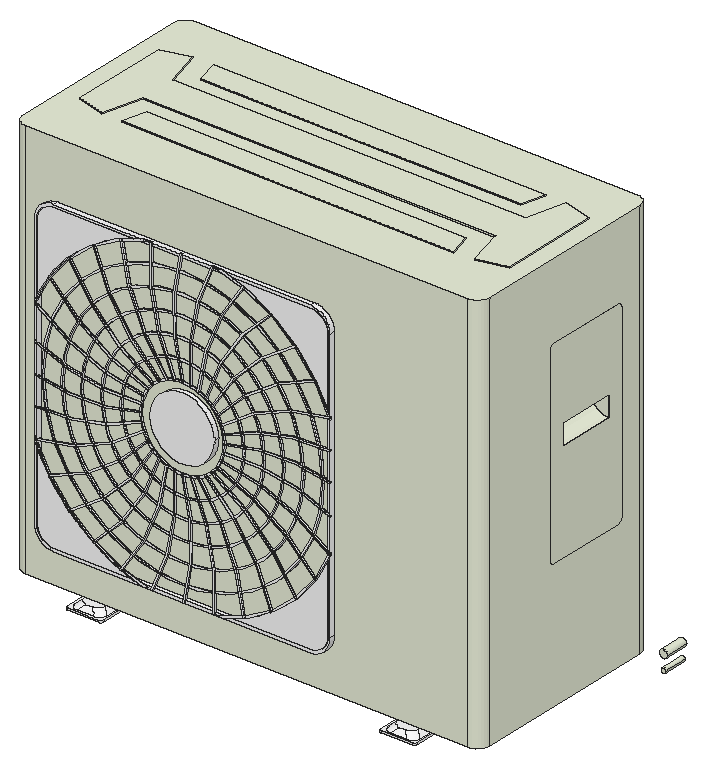
Revit family "ККБ REA I2 15,5 инвертор", category Оборудование, Revit 2022
Family settings
  Размер круглого соединителя = Использовать радиус
  Тип детали = Нормальный
  Номер OmniClass = 23.75.00.00
  Заголовок OmniClass = Climate Control (HVAC)
  На основе рабочей плоскости = Нет
  Всегда вертикально = Да
  При загрузке вырезать с полостями = Нет
  Сохранять ориентацию аннотаций = Нет
  Общий = Нет
  Точка принадлежности помещению = Нет
Parameters (values of type "ККБ REA I2 15,5 инвертор")
  Отметка по умолчанию = 0.000 mm
  clearance access right = 600.000 mm
  clearance access left = 300.000 mm
  clearance access front = 2000.000 mm
  clearance access behind = 300.000 mm
  clearance [instance] = no
  Width = 950.000 mm
  Series = "CCU"
  Power supply = "220-240V 1Ph~50Hz/60Hz"
  Net Weight = 77.50 kg
  Группа модели = "ККБ REA I2 15,5 инвертор"
  Minimum Circuit Amps = 40 A
  Min cable selection (power wiring) = "3×6 mm2"
  Maximum Fuse Amps = 40 A
  Изготовитель = "WAER"  # constant formula
  Liquid pipe Radius = 0.5 * Liquid pipe  # 4.765 mm
  Liquid pipe = 9.530 mm
  Installation = "Outdoor installation"
  Height = 840.000 mm
  Heating Power Input = 4.82 kW
  Heating Capacity = 18.00 kW
  Gas pipe Radius = 0.5 * Gas pipe  # 7.950 mm
  Gas pipe = 15.900 mm
  Gas = "R410A"
  Описание = "High efficiency air cooled"
  Depth = 440.000 mm
  Cooling Power Input = 4.87 kW
  Cooling Capacity = 15.50 kW
  Condensation = "Air"
  Compressor = "1"
  Casing color = "SB2098"
  Air Flow = 5000.00 m³/h
Reference planes
  plane 1 "Center (Front/Back)": y = 0
  plane 2: z = 0
  plane 3 "Center (Left/Right)": x = 0
  plane 4: y = 221
  plane 5: y = -139
  plane 6: x = -473
  plane 7: x = 473
  plane 8: z = 406.5
  plane 9: z = 300.608
  plane 10: z = 840
  plane 11: x = 557
Forms (mm)
  Extrusion 1, solid, material "Galvanized Steel", detail levels medium+fine
    sketch origin (-463, 0, 789) x (1, 0, 0) y (0, 1, 0)
      loop
        line (911, 240) -> (15, 240)
        arc (15, 240) -> (-2.678, 232.678) -> (-10, 215) r 25
        line (-10, 215) -> (-10, -165)
        arc (-10, -165) -> (-2.678, -182.678) -> (15, -190) r 25
        line (15, -190) -> (911, -190)
        arc (911, -190) -> (928.678, -182.678) -> (936, -165) r 25
        line (936, -165) -> (936, 215)
        arc (936, 215) -> (928.678, 232.678) -> (911, 240) r 25
    from -765 to 49
  Extrusion 2, void
    sketch origin (0, 0, 0) x (1, 0, 0) y (0, 0, 1)
      loop
        circle (-122.999, 406.499) r 286
    from 100 to 177
  Extrusion 3, solid, material "Galvanized Steel", detail levels fine
    sketch origin (0, 20, 0) x (1, 0, 0) y (0, 1, 0)
      loop
        line (-436.632, 111.286) -> (-436.632, -88.714) -> (-378.677, -104.243) -> (-357.971, -26.969) -> (0, -26.969) -> (357.971, -26.969) -> (378.677, -104.243) -> (436.632, -88.714) -> (436.632, 111.286) -> (378.677, 126.816) -> (357.971, 49.542) -> (0, 49.542) -> (-357.971, 49.542) -> (-378.677, 126.816) -> (-436.632, 111.286)
      loop
        line (-337.266, 126.816) -> (-324.511, 79.213) -> (0, 79.213) -> (324.511, 79.213) -> (337.266, 126.816) -> (0, 126.816) -> (-337.266, 126.816)
      loop
        line (-337.266, -106.816) -> (0, -106.816) -> (337.266, -106.816) -> (324.511, -59.213) -> (0, -59.213) -> (-324.511, -59.213) -> (-337.266, -106.816)
    from 838 to 840
  Extrusion 4, solid, material "Galvanized Steel", detail levels fine
    sketch origin (0, 5, 0) x (0, 1, 0) y (0, 0, 1)
      loop
        arc (-8.433, 685.069) -> (-15.504, 682.14) -> (-18.433, 675.069) r 10
        line (-18.433, 675.069) -> (-18.433, 295.069)
        arc (-18.433, 295.069) -> (-15.504, 287.998) -> (-8.433, 285.069) r 10
        line (-8.433, 285.069) -> (151.567, 285.069)
        arc (151.567, 285.069) -> (158.638, 287.998) -> (161.567, 295.069) r 10
        line (161.567, 295.069) -> (161.567, 675.069)
        arc (161.567, 675.069) -> (158.638, 682.14) -> (151.567, 685.069) r 10
        line (151.567, 685.069) -> (-8.433, 685.069)
    from 473 to 475
  Extrusion 5, solid, material "Galvanized Steel", detail levels fine
    sketch origin (-473, 221, 810) x (1, 0, 0) y (0, 0, -1)
      loop
        line (721.211, 499.033) -> (721.211, 179.033)
        arc (721.211, 179.033) -> (811.211, 89.033) -> (901.211, 179.033) r 90
        line (901.211, 179.033) -> (901.211, 499.033)
        arc (901.211, 499.033) -> (811.211, 589.033) -> (721.211, 499.033) r 90
    from -362 to -360
  Extrusion 6, void
    sketch origin (-438, -141, 810) x (1, 0, 0) y (0, 0, -1)
      loop
        line (731.52, 217.5) -> (811.52, 217.5) -> (811.52, 257.5) -> (731.52, 257.5) -> (731.52, 217.5)
    from 0 to 30.666
  Extrusion 7, void
    sketch origin (2, 0, 0) x (1, 0, 0) y (0, 0, 1)
      loop
        line (446.25, 532.035) -> (428.211, 532.035)
        arc (428.211, 532.035) -> (441.329, 500.364) -> (473, 487.246) r 44.789
        line (473, 487.246) -> (473, 532.035) -> (446.25, 532.035)
    from -137.024 to -16.461
  Extrusion 8, solid, material "Galvanized Steel"
    sketch origin (610.133, -190, 799) x (-1, 0, 0) y (0, 0, -1)
      loop
        circle (30.982, 736.541) r 4.765
    from -381 to -333.512
  Extrusion 9, solid, material "Galvanized Steel"
    sketch origin (610.133, -190, 829) x (-1, 0, 0) y (0, 0, -1)
      loop
        circle (30.982, 736.541) r 7.95
    from -381 to -333.512
Cuts and joins
  Extrusion 2, Extrusion 6, Extrusion 7 cuts Extrusion 1
  Extrusion 6 cuts Extrusion 5
  Extrusion 7 cuts Extrusion 4
Lines and regions (mm)
  model lines
    curve 1: line (-473, 221, 24) -> (-473, -139, 24)
    curve 2: line (473, 221, 24) -> (-473, 221, 24)
    curve 3: line (473, -139, 24) -> (473, 221, 24)
    curve 4: line (-473, -139, 24) -> (473, -139, 24)
    curve 5: line (473, 221, 838) -> (473, 221, 24)
    curve 6: line (-473, 221, 24) -> (-473, 221, 838)
    curve 7: line (625.133, -190, 838) -> (625.133, -190, 24)
    curve 8: line (-320.867, -190, 24) -> (-320.867, -190, 838)
    curve 9: line (473, -139, 838) -> (473, 221, 838)
    curve 10: line (473, 221, 838) -> (-473, 221, 838)
    curve 11: line (-473, 221, 838) -> (-473, -139, 838)
    curve 12: line (-473, -139, 838) -> (473, -139, 838)
Dimensions and locks
  aligned and locked: level to plane 2
Nested families
  nested 1: "xiaodijia2" at (318, 20, 0), type "xiaodijia2", detail levels medium+fine
  nested 2: "xiaodijia2" at (-318, 20, 0), type "xiaodijia2", detail levels medium+fine
  nested 3: "fengkou300（fangxing2）" at (-123, -200, 406.5) x (1, 0, 0) z (0, 1, 0), type "fengkou300（fangxing2）", detail levels medium+fine
  nested 4: "fengshan270" at (-122.996, -125, 406.5) x (0, 0, 1) z (0, -1, 0), type "fengshan270", detail levels fine
  nested 5: "service space" at (473, -200, 0), Height <- "Height", visible <- "clearance", type "Midea Service  Space"
    with Width 600.000 mm, Height 840.000 mm, Depth 440.000 mm
  nested 6: "service space" at (-773, -200, 0), Height <- "Height", visible <- "clearance", type "Midea Service  Space"
    with Width 300.000 mm, Height 840.000 mm, Depth 440.000 mm
  nested 7: "service space" at (-473, 240, 0), Height <- "Height", visible <- "clearance", type "Midea Service  Space"
    with Width 946.000 mm, Height 840.000 mm, Depth 300.000 mm
  nested 8: "service space" at (-473, -2200, 0), Height <- "Height", visible <- "clearance", type "Midea Service  Space"
    with Width 946.000 mm, Height 840.000 mm, Depth 2000.000 mm
Connectors
  electrical at (333.52, -141, 572.5)
    settings: on cut or joined group of Extrusion 5, Extrusion 6, index 1, voltage 220 V, apparent load 0 VA, apparent load phase1 0 VA, apparent load phase2 0 VA, apparent load phase3 0 VA, power factor 1, load classification "HVAC", number of poles 1, system type 30, power factor state 1, is connector primary yes, connector utility no, sub classification motor no, connector description ""
  piping at (579.151, 191, 62.459), diameter 9.53, driven by "Liquid pipe Radius"
    settings: on Extrusion 8, index 2, connector inside diameter 0.3752", connector length 0.000 mm, flow factor 0, pipe flow 0 GPM, pressure drop 0.00 psi, fitting loss kfactor 0, connector angle 0.00°, fixture units 0, engagement length 0.000 mm, angle of deflection 0.00°, flow configuration 0, flow direction 0, fitting loss method 0, system type 7, joint type 0, gender type 0, connector reference index -1, connector utility 0, adjustable connector no, is connector primary yes, connector description ""
  piping at (579.151, 191, 92.459), diameter 15.9, driven by "Gas pipe Radius"
    settings: on Extrusion 9, index 3, connector inside diameter 0.62598", connector length 0.000 mm, flow factor 0, pipe flow 0 GPM, pressure drop 0.00 psi, fitting loss kfactor 0, connector angle 0.00°, fixture units 0, engagement length 0.000 mm, angle of deflection 0.00°, flow configuration 0, flow direction 0, fitting loss method 0, system type 8, joint type 0, gender type 0, connector reference index -1, connector utility 0, adjustable connector no, is connector primary no, connector description ""
Definition of nested family "xiaodijia2"
  Parameters
    Default Elevation = 0.000 mm
  Reference planes
    plane 1 "Center (Front/Back)": y = 0
    plane 2: z = 0
    plane 3 "Center (Left/Right)": x = 0
    plane 4: y = 227
    plane 5: x = -36.5
    plane 6: x = 36.5
    plane 7: z = 12
    plane 8: z = 3
    plane 9: z = 24
    plane 10: y = -20
    plane 11: y = 20
    plane 12: x = 21.5
    plane 13: x = -21.5
    plane 14: y = 190
    plane 15: y = -190
    plane 16: x = -6
    plane 17: x = 6
    plane 18: y = -186
    plane 19: y = -194
  Forms (mm)
    Blend 1, solid
      base sketch origin (0, 0, 0) x (1, 0, 0) y (0, 1, 0)
        loop
          line (6.5, 212) -> (-6.5, 212)
          arc (-6.5, 212) -> (-17.107, 207.607) -> (-21.5, 197) r 15
          line (-21.5, 197) -> (-21.5, -197)
          arc (-21.5, -197) -> (-17.107, -207.607) -> (-6.5, -212) r 15
          line (-6.5, -212) -> (6.5, -212)
          arc (6.5, -212) -> (17.107, -207.607) -> (21.5, -197) r 15
          line (21.5, -197) -> (21.5, 197)
          arc (21.5, 197) -> (17.107, 207.607) -> (6.5, 212) r 15
      top sketch origin (0, 0, 0) x (1, 0, 0) y (0, 1, 0)
        loop
          line (26.5, 222) -> (-26.5, 222)
          arc (-26.5, 222) -> (-30.036, 220.536) -> (-31.5, 217) r 5
          line (-31.5, 217) -> (-31.5, -207)
          arc (-31.5, -207) -> (-27.107, -217.607) -> (-16.5, -222) r 15
          line (-16.5, -222) -> (16.5, -222)
          arc (16.5, -222) -> (27.107, -217.607) -> (31.5, -207) r 15
          line (31.5, -207) -> (31.5, 217)
          arc (31.5, 217) -> (30.036, 220.536) -> (26.5, 222) r 5
      from 12 to 3
    Blend 2, void
      base sketch origin (0, 0, 0) x (1, 0, 0) y (0, 1, 0)
        loop
          line (6.5, 202) -> (-6.5, 202)
          arc (-6.5, 202) -> (-10.036, 200.536) -> (-11.5, 197) r 5
          line (-11.5, 197) -> (-11.5, -197)
          arc (-11.5, -197) -> (-10.036, -200.536) -> (-6.5, -202) r 5
          line (-6.5, -202) -> (6.5, -202)
          arc (6.5, -202) -> (10.036, -200.536) -> (11.5, -197) r 5
          line (11.5, -197) -> (11.5, 197)
          arc (11.5, 197) -> (10.036, 200.536) -> (6.5, 202) r 5
      top sketch origin (0, 0, 0) x (1, 0, 0) y (0, 1, 0)
        loop
          line (31.5, -207) -> (31.5, 217)
          arc (31.5, 217) -> (30.036, 220.536) -> (26.5, 222) r 5
          line (26.5, 222) -> (-26.5, 222)
          arc (-26.5, 222) -> (-30.036, 220.536) -> (-31.5, 217) r 5
          line (-31.5, 217) -> (-31.5, -207)
          arc (-31.5, -207) -> (-27.107, -217.607) -> (-16.5, -222) r 15
          line (-16.5, -222) -> (16.5, -222)
          arc (16.5, -222) -> (27.107, -217.607) -> (31.5, -207) r 15
      from 8.355 to 3
    Extrusion 3, solid
      sketch origin (0, 0, 0) x (1, 0, 0) y (0, 1, 0)
        loop
          arc (-31.5, 227) -> (-35.036, 225.536) -> (-36.5, 222) r 5
          line (-36.5, 222) -> (-36.5, -222)
          arc (-36.5, -222) -> (-35.036, -225.536) -> (-31.5, -227) r 5
          line (-31.5, -227) -> (31.5, -227)
          arc (31.5, -227) -> (35.036, -225.536) -> (36.5, -222) r 5
          line (36.5, -222) -> (36.5, 222)
          arc (36.5, 222) -> (35.036, 225.536) -> (31.5, 227) r 5
          line (31.5, 227) -> (-31.5, 227)
        loop
          arc (-26.5, 222) -> (-30.036, 220.536) -> (-31.5, 217) r 5
          line (-31.5, 217) -> (-31.5, -207)
          arc (-31.5, -207) -> (-27.107, -217.607) -> (-16.5, -222) r 15
          line (-16.5, -222) -> (16.5, -222)
          arc (16.5, -222) -> (27.107, -217.607) -> (31.5, -207) r 15
          line (31.5, -207) -> (31.5, 217)
          arc (31.5, 217) -> (30.036, 220.536) -> (26.5, 222) r 5
          line (26.5, 222) -> (-26.5, 222)
      from 0 to 3
    Extrusion 4, solid
      sketch origin (0, 0, 0) x (0, 1, 0) y (0, 0, 1)
        loop
          arc (-19.275, 24) -> (-19.902, 23.667) -> (-20.264, 23.056) r 1.312
          line (-20.264, 23.056) -> (-22.833, 13.434)
          arc (-22.833, 13.434) -> (-23.437, 12.605) -> (-24.266, 12) r 3.318
          line (-24.266, 12) -> (24.266, 12)
          arc (24.266, 12) -> (23.437, 12.605) -> (22.833, 13.434) r 3.318
          line (22.833, 13.434) -> (20.264, 23.056)
          arc (20.264, 23.056) -> (19.902, 23.667) -> (19.275, 24) r 1.312
          line (19.275, 24) -> (-19.275, 24)
      from -21.5 to 21.5
    Extrusion 5, solid
      sketch origin (0, 150, 0) x (0, 1, 0) y (0, 0, 1)
        loop
          arc (-19.275, 24) -> (-19.902, 23.667) -> (-20.264, 23.056) r 1.312
          line (-20.264, 23.056) -> (-22.833, 13.434)
          arc (-22.833, 13.434) -> (-23.437, 12.605) -> (-24.266, 12) r 3.318
          line (-24.266, 12) -> (24.266, 12)
          arc (24.266, 12) -> (23.437, 12.605) -> (22.833, 13.434) r 3.318
          line (22.833, 13.434) -> (20.264, 23.056)
          arc (20.264, 23.056) -> (19.902, 23.667) -> (19.275, 24) r 1.312
          line (19.275, 24) -> (-19.275, 24)
      from -21.5 to 21.5
    Extrusion 6, solid
      sketch origin (0, -150, 0) x (0, 1, 0) y (0, 0, 1)
        loop
          arc (-19.275, 24) -> (-19.902, 23.667) -> (-20.264, 23.056) r 1.312
          line (-20.264, 23.056) -> (-22.833, 13.434)
          arc (-22.833, 13.434) -> (-23.437, 12.605) -> (-24.266, 12) r 3.318
          line (-24.266, 12) -> (24.266, 12)
          arc (24.266, 12) -> (23.437, 12.605) -> (22.833, 13.434) r 3.318
          line (22.833, 13.434) -> (20.264, 23.056)
          arc (20.264, 23.056) -> (19.902, 23.667) -> (19.275, 24) r 1.312
          line (19.275, 24) -> (-19.275, 24)
      from -21.5 to 21.5
    Extrusion 7, void
      sketch origin (0, 0, 0) x (1, 0, 0) y (0, 1, 0)
        loop
          arc (-6, -186) -> (-10, -190) -> (-6, -194) r 4
          line (-6, -194) -> (6, -194)
          arc (6, -194) -> (10, -190) -> (6, -186) r 4
          line (6, -186) -> (-6, -186)
        loop
          line (-6, 186) -> (6, 186)
          arc (6, 186) -> (10, 190) -> (6, 194) r 4
          line (6, 194) -> (-6, 194)
          arc (-6, 194) -> (-10, 190) -> (-6, 186) r 4
      from 0 to 20
  Cuts and joins
    Blend 2, Extrusion 7 cuts Blend 1
  Dimensions and locks
    aligned and locked: level to plane 2
Definition of nested family "fengkou300（fangxing2）"
  Parameters
    Default Elevation = 0.000 mm
    Series = ""
    Machine material = none
    Installation = ""
    Gas = ""
    Condensation = ""
  Reference planes
    plane 1 "Center (Front/Back)": y = 0
    plane 2: z = 0
    plane 3 "Center (Left/Right)": x = 0
    plane 4: y = 316
    plane 5: y = -316
    plane 6: x = -300
    plane 7: x = 300
    plane 8: through (306.104, -306.102, 1219.2) normal (-0.7071, -0.7071, 0)
    plane 9: through (-306.478, -306.479, 1219.2) normal (0.7071, -0.7071, 0)
  Forms (mm)
    Extrusion 1, solid, material <- "Machine material"
      sketch origin (0, 0, 0) x (1, 0, 0) y (0, 1, 0)
        loop
          arc (-260, 316) -> (-288.284, 304.284) -> (-300, 276) r 40
          line (-300, 276) -> (-300, -276)
          arc (-300, -276) -> (-288.284, -304.284) -> (-260, -316) r 40
          line (-260, -316) -> (260, -316)
          arc (260, -316) -> (288.284, -304.284) -> (300, -276) r 40
          line (300, -276) -> (300, 276)
          arc (300, 276) -> (288.284, 304.284) -> (260, 316) r 40
          line (260, 316) -> (-260, 316)
        loop
          line (260, 311) -> (-260, 311)
          arc (-260, 311) -> (-284.749, 300.749) -> (-295, 276) r 35
          line (-295, 276) -> (-295, -276)
          arc (-295, -276) -> (-284.749, -300.749) -> (-260, -311) r 35
          line (-260, -311) -> (260, -311)
          arc (260, -311) -> (284.749, -300.749) -> (295, -276) r 35
          line (295, -276) -> (295, 276)
          arc (295, 276) -> (284.749, 300.749) -> (260, 311) r 35
      from 0 to 10
    Extrusion 2, solid, material <- "Machine material"
      sketch origin (-1059.446, 0, 0) x (1, 0, 0) y (0, 1, 0)
        loop
          arc (1057.944, 325.999) -> (1075.678, 204.494) -> (1057.944, 82.989) r 425.111
          line (1057.944, 82.989) -> (1060.944, 82.989)
          arc (1060.944, 82.989) -> (1079.329, 204.494) -> (1060.944, 325.999) r 410.684
          line (1060.944, 325.999) -> (1057.944, 325.999)
        loop
          arc (1060.948, -325.999) -> (1043.214, -204.494) -> (1060.948, -82.989) r 425.111
          line (1060.948, -82.989) -> (1057.948, -82.989)
          arc (1057.948, -82.989) -> (1039.562, -204.494) -> (1057.948, -325.999) r 410.684
          line (1057.948, -325.999) -> (1060.948, -325.999)
        loop
          arc (1385.445, 1.502) -> (1263.939, -16.232) -> (1142.434, 1.502) r 425.111
          line (1142.434, 1.502) -> (1142.434, -1.498)
          arc (1142.434, -1.498) -> (1263.939, -19.884) -> (1385.445, -1.498) r 410.684
          line (1385.445, -1.498) -> (1385.445, 1.502)
        loop
          arc (733.447, -1.502) -> (854.952, 16.232) -> (976.457, -1.502) r 425.111
          line (976.457, -1.502) -> (976.457, 1.498)
          arc (976.457, 1.498) -> (854.952, 19.884) -> (733.447, 1.498) r 410.684
          line (733.447, 1.498) -> (733.447, -1.502)
        loop
          arc (1288.9, 231.578) -> (1215.522, 133.121) -> (1117.065, 59.744) r 425.111
          line (1117.065, 59.744) -> (1119.187, 57.623)
          arc (1119.187, 57.623) -> (1218.105, 130.539) -> (1291.021, 229.457) r 410.684
          line (1291.021, 229.457) -> (1288.9, 231.578)
        loop
          arc (829.992, -231.578) -> (903.369, -133.121) -> (1001.826, -59.744) r 425.111
          line (1001.826, -59.744) -> (999.705, -57.623)
          arc (999.705, -57.623) -> (900.787, -130.539) -> (827.871, -229.457) r 410.684
          line (827.871, -229.457) -> (829.992, -231.578)
        loop
          arc (1291.024, -229.454) -> (1192.567, -156.077) -> (1119.19, -57.62) r 425.111
          line (1119.19, -57.62) -> (1117.068, -59.741)
          arc (1117.068, -59.741) -> (1189.985, -158.659) -> (1288.903, -231.575) r 410.684
          line (1288.903, -231.575) -> (1291.024, -229.454)
        loop
          arc (827.868, 229.454) -> (926.325, 156.077) -> (999.702, 57.62) r 425.111
          line (999.702, 57.62) -> (1001.823, 59.741)
          arc (1001.823, 59.741) -> (928.907, 158.659) -> (829.989, 231.575) r 410.684
          line (829.989, 231.575) -> (827.868, 229.454)
        loop
          arc (1182.812, 301.758) -> (1152.699, 182.716) -> (1089.816, 77.246) r 425.111
          line (1089.816, 77.246) -> (1092.588, 76.098)
          arc (1092.588, 76.098) -> (1156.072, 181.318) -> (1185.584, 300.61) r 410.684
          line (1185.584, 300.61) -> (1182.812, 301.758)
        loop
          arc (936.079, -301.758) -> (966.193, -182.716) -> (1029.075, -77.246) r 425.111
          line (1029.075, -77.246) -> (1026.304, -76.098)
          arc (1026.304, -76.098) -> (962.819, -181.318) -> (933.308, -300.61) r 410.684
          line (933.308, -300.61) -> (936.079, -301.758)
        loop
          arc (1361.204, -123.366) -> (1242.162, -93.253) -> (1136.692, -30.371) r 425.111
          line (1136.692, -30.371) -> (1135.544, -33.142)
          arc (1135.544, -33.142) -> (1240.764, -96.626) -> (1360.056, -126.138) r 410.684
          line (1360.056, -126.138) -> (1361.204, -123.366)
        loop
          arc (757.687, 123.366) -> (876.73, 93.253) -> (982.199, 30.371) r 425.111
          line (982.199, 30.371) -> (983.347, 33.142)
          arc (983.347, 33.142) -> (878.127, 96.626) -> (758.835, 126.138) r 410.684
          line (758.835, 126.138) -> (757.687, 123.366)
        loop
          arc (1360.054, 126.142) -> (1254.585, 63.26) -> (1135.542, 33.146) r 425.111
          line (1135.542, 33.146) -> (1136.69, 30.375)
          arc (1136.69, 30.375) -> (1255.982, 59.886) -> (1361.203, 123.37) r 410.684
          line (1361.203, 123.37) -> (1360.054, 126.142)
        loop
          arc (758.837, -126.142) -> (864.307, -63.26) -> (983.349, -33.146) r 425.111
          line (983.349, -33.146) -> (982.201, -30.375)
          arc (982.201, -30.375) -> (862.909, -59.886) -> (757.689, -123.37) r 410.684
          line (757.689, -123.37) -> (758.837, -126.142)
        loop
          arc (1185.588, -300.609) -> (1122.706, -195.139) -> (1092.592, -76.097) r 425.111
          line (1092.592, -76.097) -> (1089.82, -77.245)
          arc (1089.82, -77.245) -> (1119.332, -196.537) -> (1182.816, -301.757) r 410.684
          line (1182.816, -301.757) -> (1185.588, -300.609)
        loop
          arc (933.304, 300.609) -> (996.186, 195.139) -> (1026.3, 76.097) r 425.111
          line (1026.3, 76.097) -> (1029.071, 77.245)
          arc (1029.071, 77.245) -> (999.56, 196.537) -> (936.075, 301.757) r 410.684
          line (936.075, 301.757) -> (933.304, 300.609)
        loop
          arc (1121.572, 320.028) -> (1115.261, 197.398) -> (1074.163, 81.687) r 425.111
          line (1074.163, 81.687) -> (1077.105, 81.102)
          arc (1077.105, 81.102) -> (1118.842, 196.685) -> (1124.514, 319.443) r 410.684
          line (1124.514, 319.443) -> (1121.572, 320.028)
        loop
          arc (997.32, -320.028) -> (1003.631, -197.398) -> (1044.729, -81.687) r 425.111
          line (1044.729, -81.687) -> (1041.786, -81.102)
          arc (1041.786, -81.102) -> (1000.049, -196.685) -> (994.378, -319.443) r 410.684
          line (994.378, -319.443) -> (997.32, -320.028)
        loop
          arc (1379.474, -62.126) -> (1256.843, -55.815) -> (1141.133, -14.717) r 425.111
          line (1141.133, -14.717) -> (1140.548, -17.659)
          arc (1140.548, -17.659) -> (1256.131, -59.396) -> (1378.888, -65.068) r 410.684
          line (1378.888, -65.068) -> (1379.474, -62.126)
        loop
          arc (739.418, 62.126) -> (862.048, 55.815) -> (977.759, 14.717) r 425.111
          line (977.759, 14.717) -> (978.344, 17.659)
          arc (978.344, 17.659) -> (862.761, 59.396) -> (740.003, 65.068) r 410.684
          line (740.003, 65.068) -> (739.418, 62.126)
        loop
          arc (1329.669, 182.364) -> (1238.494, 100.114) -> (1127.614, 47.355) r 425.111
          line (1127.614, 47.355) -> (1129.28, 44.861)
          arc (1129.28, 44.861) -> (1240.523, 97.078) -> (1331.336, 179.87) r 410.684
          line (1331.336, 179.87) -> (1329.669, 182.364)
        loop
          arc (789.222, -182.364) -> (880.397, -100.114) -> (991.278, -47.355) r 425.111
          line (991.278, -47.355) -> (989.611, -44.861)
          arc (989.611, -44.861) -> (878.369, -97.078) -> (787.556, -179.87) r 410.684
          line (787.556, -179.87) -> (789.222, -182.364)
        loop
          arc (1241.81, -270.223) -> (1159.56, -179.048) -> (1106.801, -68.168) r 425.111
          line (1106.801, -68.168) -> (1104.306, -69.835)
          arc (1104.306, -69.835) -> (1156.524, -181.077) -> (1239.316, -271.89) r 410.684
          line (1239.316, -271.89) -> (1241.81, -270.223)
        loop
          arc (877.082, 270.223) -> (959.332, 179.048) -> (1012.091, 68.168) r 425.111
          line (1012.091, 68.168) -> (1014.585, 69.835)
          arc (1014.585, 69.835) -> (962.368, 181.077) -> (879.576, 271.89) r 410.684
          line (879.576, 271.89) -> (877.082, 270.223)
        loop
          arc (1239.312, 271.893) -> (1186.553, 161.012) -> (1104.303, 69.837) r 425.111
          line (1104.303, 69.837) -> (1106.797, 68.17)
          arc (1106.797, 68.17) -> (1189.589, 158.984) -> (1241.806, 270.226) r 410.684
          line (1241.806, 270.226) -> (1239.312, 271.893)
        loop
          arc (879.58, -271.893) -> (932.339, -161.012) -> (1014.589, -69.837) r 425.111
          line (1014.589, -69.837) -> (1012.094, -68.17)
          arc (1012.094, -68.17) -> (929.303, -158.984) -> (877.085, -270.226) r 410.684
          line (877.085, -270.226) -> (879.58, -271.893)
        loop
          arc (1331.338, -179.866) -> (1220.458, -127.107) -> (1129.283, -44.857) r 425.111
          line (1129.283, -44.857) -> (1127.616, -47.351)
          arc (1127.616, -47.351) -> (1218.429, -130.143) -> (1329.672, -182.361) r 410.684
          line (1329.672, -182.361) -> (1331.338, -179.866)
        loop
          arc (787.553, 179.866) -> (898.434, 127.107) -> (989.609, 44.857) r 425.111
          line (989.609, 44.857) -> (991.275, 47.351)
          arc (991.275, 47.351) -> (900.462, 130.143) -> (789.22, 182.361) r 410.684
          line (789.22, 182.361) -> (787.553, 179.866)
        loop
          arc (1378.887, 65.072) -> (1263.177, 23.975) -> (1140.547, 17.664) r 425.111
          line (1140.547, 17.664) -> (1141.132, 14.721)
          arc (1141.132, 14.721) -> (1263.889, 20.393) -> (1379.473, 62.13) r 410.684
          line (1379.473, 62.13) -> (1378.887, 65.072)
        loop
          arc (740.004, -65.072) -> (855.715, -23.975) -> (978.345, -17.664) r 425.111
          line (978.345, -17.664) -> (977.76, -14.721)
          arc (977.76, -14.721) -> (855.002, -20.393) -> (739.419, -62.13) r 410.684
          line (739.419, -62.13) -> (740.004, -65.072)
        loop
          arc (1124.518, -319.442) -> (1083.42, -203.731) -> (1077.109, -81.101) r 425.111
          line (1077.109, -81.101) -> (1074.167, -81.686)
          arc (1074.167, -81.686) -> (1079.839, -204.444) -> (1121.576, -320.027) r 410.684
          line (1121.576, -320.027) -> (1124.518, -319.442)
        loop
          arc (994.373, 319.442) -> (1035.471, 203.731) -> (1041.782, 81.101) r 425.111
          line (1041.782, 81.101) -> (1044.725, 81.686)
          arc (1044.725, 81.686) -> (1039.053, 204.444) -> (997.316, 320.027) r 410.684
          line (997.316, 320.027) -> (994.373, 319.442)
      from 0 to 2
    Extrusion 3, solid, material <- "Machine material"
      sketch origin (-1059.446, 0, 0) x (1, 0, 0) y (0, 1, 0)
        loop
          circle (1059.448, 0) r 65
      from 0 to 20
    Extrusion 4, solid, material <- "Machine material"
      sketch origin (0, 0, 0) x (1, 0, 0) y (0, 1, 0)
        loop
          circle (0, 0.002) r 326
        loop
          circle (0, 0.002) r 323
        loop
          circle (0, 0.002) r 286
        loop
          circle (0, 0.002) r 283
        loop
          circle (0, 0.002) r 246
        loop
          circle (0, 0.002) r 243
        loop
          circle (0, 0.002) r 206
        loop
          circle (0, 0.002) r 203
        loop
          circle (0, 0.002) r 166
        loop
          circle (0, 0.002) r 163
        loop
          circle (0, 0.002) r 126
        loop
          circle (0, 0.002) r 123
        loop
          circle (0, 0.002) r 86
        loop
          circle (0, 0.002) r 83
      from 0 to 2
    Extrusion 5, void
      sketch origin (0, 0, 0) x (1, 0, 0) y (0, 1, 0)
        loop
          line (260, 316) -> (-260, 316)
          arc (-260, 316) -> (-288.284, 304.284) -> (-300, 276) r 40
          line (-300, 276) -> (-300, -276)
          arc (-300, -276) -> (-288.284, -304.284) -> (-260, -316) r 40
          line (-260, -316) -> (260, -316)
          arc (260, -316) -> (288.284, -304.284) -> (300, -276) r 40
          line (300, -276) -> (300, 276)
          arc (300, 276) -> (288.284, 304.284) -> (260, 316) r 40
        loop
          arc (-260, 416) -> (-358.995, 374.995) -> (-400, 276) r 140
          line (-400, 276) -> (-400, -276)
          arc (-400, -276) -> (-358.995, -374.995) -> (-260, -416) r 140
          line (-260, -416) -> (260, -416)
          arc (260, -416) -> (358.995, -374.995) -> (400, -276) r 140
          line (400, -276) -> (400, 276)
          arc (400, 276) -> (358.995, 374.995) -> (260, 416) r 140
          line (260, 416) -> (-260, 416)
      from 0 to 250
    Extrusion 6, solid, material <- "Machine material"
      sketch origin (0, 0, 0) x (1, 0, 0) y (0, 1, 0)
        loop
          line (-97.757, 311) -> (-260, 311)
          arc (-260, 311) -> (-284.749, 300.749) -> (-295, 276) r 35
          line (-295, 276) -> (-295, 138.75)
          arc (-295, 138.75) -> (-214.434, 245.551) -> (-97.757, 311) r 326
        loop
          arc (-295, -276) -> (-284.749, -300.749) -> (-260, -311) r 35
          line (-260, -311) -> (-97.743, -311)
          arc (-97.743, -311) -> (-214.429, -245.551) -> (-295, -138.746) r 326
          line (-295, -138.746) -> (-295, -276)
        loop
          arc (260, -311) -> (284.749, -300.749) -> (295, -276) r 35
          line (295, -276) -> (295, -138.746)
          arc (295, -138.746) -> (214.429, -245.551) -> (97.743, -311) r 326
          line (97.743, -311) -> (260, -311)
        loop
          arc (295, 276) -> (284.749, 300.749) -> (260, 311) r 35
          line (260, 311) -> (97.757, 311)
          arc (97.757, 311) -> (214.434, 245.551) -> (295, 138.75) r 326
          line (295, 138.75) -> (295, 276)
      from 0 to 2
  Cuts and joins
    Extrusion 5 cuts Extrusion 1
    Extrusion 5 cuts Extrusion 2
    Extrusion 5 cuts Extrusion 4
  Dimensions and locks
    aligned and locked: level to plane 2
Definition of nested family "fengshan270"
  Parameters
    Default Elevation = 0.000 mm
  Reference planes
    plane 1 "Center (Front/Back)": y = 0
    plane 2: z = 0
    plane 3 "Center (Left/Right)": x = 0
  Forms (mm)
    Extrusion 1, solid
      sketch origin (0, 0, 0) x (1, 0, 0) y (0, 1, 0)
        loop
          circle (0, 0) r 50
      from 0 to 30
    Extrusion 2, solid
      sketch origin (-20, 0, 0) x (0, -1, 0) y (1, 0, 0)
        loop
          arc (32.105, 288.084) -> (-94.042, 273.093) -> (-199.371, 202.075) r 270
          arc (-199.371, 202.075) -> (-134.798, 110.882) -> (-35, 60.622) r 231.205
          arc (-35, 60.622) -> (0, 70) -> (35, 60.622) r 70
          arc (35, 60.622) -> (-8.793, 173.814) -> (32.105, 288.084) r 173.918
      from 0 to 30
    Extrusion 3, solid
      sketch origin (20, 0, 0) x (0, 1, 0) y (-1, 0, 0)
        loop
          arc (32.105, 288.084) -> (-94.042, 273.093) -> (-199.371, 202.075) r 270
          arc (-199.371, 202.075) -> (-134.798, 110.882) -> (-35, 60.622) r 231.205
          arc (-35, 60.622) -> (0, 70) -> (35, 60.622) r 70
          arc (35, 60.622) -> (-8.793, 173.814) -> (32.105, 288.084) r 173.918
      from 0 to 30
    Extrusion 4, solid
      sketch origin (0, 0, 0) x (1, 0, 0) y (0, 1, 0)
        loop
          arc (32.105, 268.084) -> (-94.042, 253.093) -> (-199.371, 182.075) r 270
          arc (-199.371, 182.075) -> (-134.798, 90.882) -> (-35, 40.622) r 231.205
          arc (-35, 40.622) -> (0, 50) -> (35, 40.622) r 70
          arc (35, 40.622) -> (-8.793, 153.814) -> (32.105, 268.084) r 173.918
        loop
          arc (199.371, -182.075) -> (134.798, -90.882) -> (35, -40.622) r 231.205
          arc (35, -40.622) -> (0, -50) -> (-35, -40.622) r 70
          arc (-35, -40.622) -> (8.793, -153.814) -> (-32.105, -268.084) r 173.918
          arc (-32.105, -268.084) -> (94.042, -253.093) -> (199.371, -182.075) r 270
      from 0 to 30
  Dimensions and locks
    aligned and locked: level to plane 2
Definition of nested family "service space"
  Parameters
    Default Elevation = 0.000 mm
    Width [instance] = 500.000 mm
    Height [instance] = 500.000 mm
    Depth [instance] = 500.000 mm
  Reference planes
    plane 1 "Center (Front/Back)": y = 0
    plane 2: z = 0
    plane 3 "Center (Left/Right)": x = 0
    plane 4: z = 500
    plane 5: y = 500
    plane 6: x = 500
  Forms (mm)
    Extrusion 1, solid
      sketch origin (0, 0, 0) x (1, 0, 0) y (0, 1, 0)
        loop
          line (0, 500) -> (0, 0) -> (500, 0) -> (500, 500) -> (0, 500)
      from 0 to 500
  Dimensions and locks
    "Width": plane 3 "Center (Left/Right)" to plane 6
    "Depth": plane 5 to plane 1 "Center (Front/Back)"
    "Height": level to plane 4
    aligned and locked: level to plane 2
    aligned and locked: plane 5 to Extrusion 1
    aligned and locked: Extrusion 1 to plane 6
    aligned and locked: Extrusion 1 to plane 3 "Center (Left/Right)"
    aligned and locked: plane 1 "Center (Front/Back)" to Extrusion 1
    aligned and locked: Extrusion 1 to plane 4
  Automatic sketch dimensions
    Extrusion 1 sketch curve to plane 3 "Center (Left/Right)" = 0.000 mm
    plane 1 "Center (Front/Back)" to Extrusion 1 sketch curve = 0.000 mm
    Extrusion 1 sketch curve to plane 6 = 0.000 mm
    Extrusion 1 sketch curve to plane 5 = 0.000 mm
